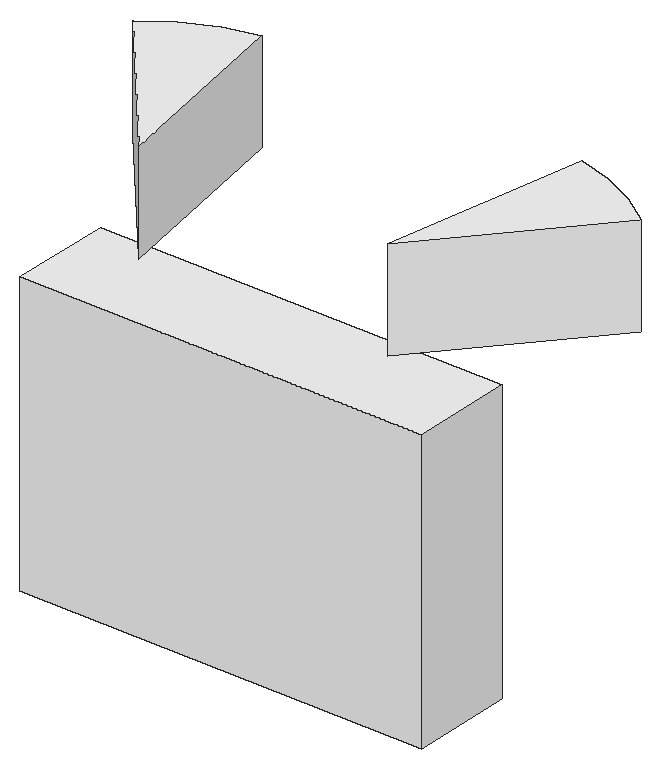
Revit family "PKNail Emergency Wall Light", category Lighting Fixtures, host Wall, Revit 2017
Family settings
  Host = Wall
  Round Connector Dimension = Use Diameter
  Part Type = Normal
  OmniClass Number = 23.80.70.11.21
  OmniClass Title = Emergency Lighting
  Always vertical = Yes
  Cut with Voids When Loaded = No
  Light Source = No
  Shared = No
  Room Calculation Point = No
Parameters (values of type "Emergency Wall Light")
  PKNail Family Measure Location Centered = yes
  PKNail Family Instance Elevation [instance] = 6' - 8 1/2"
  built-in parameter 1150142 = (empty or 0)
  Lamp = "A-19"
  Ballast Voltage = 120 V
  Ballast Number of Poles = 1
  Assembly Code = "D5090200"
  Light Casing = none
  Mounting Height = 7' - 0"
  Wattage Comments = "100"
  Apparent Load = 100 VA
Reference planes (in)
  plane 1: y = 0
  plane 2 "Light Source Axis": x = 0
  plane 3 "Light Source Elevation": z = 84
  plane 4 "Light Source Axis": y = 6.63636
  plane 5: y = 4.13636
  plane 6: y = 5.44886
  plane 7: z = 89.25
  plane 8: x = -5.22154
  plane 9: x = 5.22154
  plane 10: y = 10.10511
  plane 11: z = 3.5
Forms (in)
  Extrusion 1, solid, material "Painted Metal - White"
    sketch origin (-83.42582, 4.13636, 0) x (-1, 0, 0) y (0, 0, 1)
      loop
        line (-88.42582, 80.5) -> (-78.42582, 80.5) -> (-78.42582, 87.5) -> (-88.42582, 87.5) -> (-88.42582, 80.5)
    from 0 to 2.5
  Extrusion 2, solid, material "Painted Metal - White"
    sketch origin (-5, 6.63636, 87.5) x (0, -1, 0) y (1, 0, 0)
      loop
        line (-2.64867, -1.32238) -> (1.18155, 1.89155) -> (-3.74249, 1.02331)
        arc (-3.74249, 1.02331) -> (-3.34999, -0.22154) -> (-2.64867, -1.32238) r 5
      loop
        line (-3.74249, 8.97669) -> (1.18155, 8.10845) -> (-2.64867, 11.32238)
        arc (-2.64867, 11.32238) -> (-3.34999, 10.22154) -> (-3.74249, 8.97669) r 5
    from 0.5 to 3
Lines and regions (in)
  model lines, style "InvisibleLines"
    curve 1: line (0, 4.13636, 3.5) -> (0, 4.13636, 80.5)
Text (in)
  text "Front" at (0, 40.15149, 123.01588), in view "Right"
  text "Front" at (0, 35.16976, 110.00693), in view "Left"
Dimensions and locks (in)
  locked: host wall to plane 4 "Light Source Axis" at 2.5
  locked: Extrusion 1 to Extrusion 2 sketch curve at 1.31845  (x2)
  plane 6 to host wall = 0' - 1 5/16"
  locked: plane 7 to plane 3 "Light Source Elevation" at 5.25
  equal spacing: plane 8, plane 2 "Light Source Axis", plane 9, locked at 5.22154 each
  locked: plane 10 to plane 5 at 5.96875
  "PKNail Family Instance Elevation": plane 11 to plane 3 "Light Source Elevation"
  curve 1 to Extrusion 1 = 0' - 5"
  aligned and locked: plane 5 to host wall
  aligned and locked: Extrusion 1 to curve 1
Automatic sketch dimensions
  plane 2 "Light Source Axis" to Extrusion 1 sketch curve = 0' - 5"
  Extrusion 1 sketch curve to plane 2 "Light Source Axis" = 0' - 5"
  plane 3 "Light Source Elevation" to Extrusion 1 sketch curve = 0' - 3 1/2"
  Extrusion 1 sketch curve to plane 3 "Light Source Elevation" = 0' - 3 1/2"
  Extrusion 2 sketch curve to plane 4 "Light Source Axis" = 0' - 3.74249"  (x2)
  Extrusion 2 sketch curve to Extrusion 2 sketch curve = 0' - 1.09382"  (x2)
  Extrusion 2 sketch curve to Extrusion 2 sketch curve = 0' - 0"  (x4)
  Extrusion 2 sketch curve to plane 2 "Light Source Axis" = 0' - 6.32238"
  Extrusion 2 sketch curve to Extrusion 2 sketch curve = 0' - 2.3457"
  plane 2 "Light Source Axis" to Extrusion 2 sketch curve = 0' - 3.10845"
  plane 2 "Light Source Axis" to Extrusion 2 sketch curve = 0' - 3.97669"
  curve 1 to plane 11 = 0' - 0"
